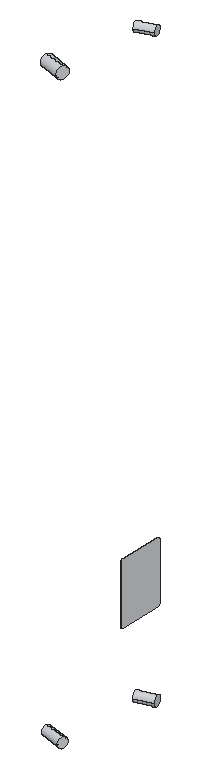
Revit family "LG_Heat_Pump_Water_Heater_APHWC801L_NA_v1.1", category Mechanical Equipment, Revit 2020
Family settings
  Round Connector Dimension = Use Diameter
  Classification = None
  Part Type = Normal
  Work Plane-Based = No
  Always vertical = Yes
  Cut with Voids When Loaded = No
  Shared = No
  Room Calculation Point = No
Parameters (values of type "Heat Pump Water Heater")
  Water Connection Size_inch = ""
  Refrigerant_Type = ""
  Refrigerant_Pre Charge_t-Co2 eq = ""
  Refrigerant_Pre Charge_oz = ""
  Refrigerant_Pre Charge_g = ""
  Refrigerant_GWP = ""
  Power Supply_Ø_V_Hz = ""
  Power Supply Cable_No. = ""
  Power Supply Cable_AWG = ""
  Power Input_Upper Element_W = ""
  Power Input_Lower Element_W = ""
  Model = ""
  Max Working Pressure (Water Tank)_kPa = ""
  Max Working Pressure (Water Tank)_PSI = ""
  Manufacturer = "LG Electronics"
  Indoor_Weight_Net_lb = ""
  Indoor_Weight_Net_kg = ""
  Indoor_Sound Pressure Level_dB(A) = ""
  Indoor_Sound Power Level_dB(A) = ""
  Indoor_Max. Fuse Size_A = ""
  Indoor_Heat Pump Operation Range_F(DB) = ""
  Indoor_Heat Pump Operation Range_C(DB) = ""
  Indoor_Exterior Color Code = ""
  Indoor_Dimensions_Net (W x H x D)_mm = ""
  Indoor_Dimensions_Net (W x H x D)_in = ""
  Indoor_Air Flow Rate_m3/min = ""
  Indoor_Air Flow Rate_CFM = ""
  Foam Insulation_mm = ""
  Factory Model = ""
  Energy_UEF = ""
  Energy_FHR_Gallon/hour = ""
  Drain Hose Size_I.D_mm = ""
  Drain Hose Size_I.D_in = ""
  Description = "HEAT PUMP WATER HEATER"
  Defrost Method = ""
  Default Elevation = 0"
  Compressor_Type = ""
  Compressor_Manufacturer = ""
  Circuit Breaker_A = ""
  Capacity_Volume_L = ""
  Buyer Model = ""
  Available Voltage Range_V = ""
  Anode = ""
  Annual Energy Consumption(AEC) (15C / 7C)_kWH = ""
Reference planes (in)
  plane 1 "중심(앞/뒤)": y = 0
  plane 2: z = 0
  plane 3 "중심(왼쪽/오른쪽)": x = 0
  plane 4: z = 5.8125
  plane 5: z = 39.28125
Forms (in)
  Extrusion 1, solid
    sketch origin (11.41732, -6.29415, 49.01856) x (0, 0, -1) y (0, 1, 0)
      loop
        line (33.34646, 8.79324) -> (37.95276, 8.79324)
        arc (37.95276, 8.79324) -> (38.09195, 8.8509) -> (38.14961, 8.99009) r 0.19685
        line (38.14961, 8.99009) -> (38.14961, 12.45466)
        arc (38.14961, 12.45466) -> (38.09195, 12.59385) -> (37.95276, 12.65151) r 0.19685
        line (37.95276, 12.65151) -> (33.34646, 12.65151)
        arc (33.34646, 12.65151) -> (33.20726, 12.59385) -> (33.14961, 12.45466) r 0.19685
        line (33.14961, 12.45466) -> (33.14961, 8.99009)
        arc (33.14961, 8.99009) -> (33.20726, 8.8509) -> (33.34646, 8.79324) r 0.19685
    from 0 to 0.03937
Dimensions and locks (in)
  plane 4 to level = 5 13/16"
  plane 5 to level = 39 9/32"
  aligned and locked: level to plane 2
Nested families (in)
  nested 1: "RF" at (0, 0, 0), type "Heat Pump Water Heater"
Connectors (in)
  piping at (13.38457, 3.72647, 54.3628), diameter 0.75
    settings: on nested 1, index 1, connector inside diameter 609.6 mm, connector length 0", flow factor 0, pipe flow 0.0 L/s, pressure drop 0.0 Pa, fitting loss kfactor 0, connector angle 0.00°, fixture units 0, engagement length 0", angle of deflection 0.00°, flow configuration 0, flow direction 2, fitting loss method 0, system type 7, joint type 0, gender type 0, connector reference index -1, connector utility 0, adjustable connector no, is connector primary yes, connector description ""
  piping at (12.09643, -4.23986, 54.36337), diameter 0.75
    settings: on nested 1, index 2, connector inside diameter 609.6 mm, connector length 0", flow factor 0, pipe flow 0.0 L/s, pressure drop 0.0 Pa, fitting loss kfactor 0, connector angle 0.00°, fixture units 0, engagement length 0", angle of deflection 0.00°, flow configuration 0, flow direction 0, fitting loss method 0, system type 22, joint type 0, gender type 0, connector reference index -1, connector utility 0, adjustable connector no, is connector primary no, connector description ""
  piping at (12.09643, -4.2433, 5.82006), diameter 0.75
    settings: on nested 1, index 3, connector inside diameter 609.6 mm, connector length 0", flow factor 0, pipe flow 0.0 L/s, pressure drop 0.0 Pa, fitting loss kfactor 0, connector angle 0.00°, fixture units 0, engagement length 0", angle of deflection 0.00°, flow configuration 0, flow direction 0, fitting loss method 0, system type 16, joint type 0, gender type 0, connector reference index -1, connector utility 0, adjustable connector no, is connector primary no, connector description ""
  piping at (13.38395, 3.72536, 5.8195), diameter 0.75
    settings: on nested 1, index 4, connector inside diameter 609.6 mm, connector length 0", flow factor 0, pipe flow 0.0 L/s, pressure drop 0.0 Pa, fitting loss kfactor 0, connector angle 0.00°, fixture units 0, engagement length 0", angle of deflection 0.00°, flow configuration 0, flow direction 1, fitting loss method 0, system type 8, joint type 0, gender type 0, connector reference index -1, connector utility 0, adjustable connector no, is connector primary no, connector description ""
Definition of nested family "RF"
  Parameters (values of type "Heat Pump Water Heater")
    Water Connection Size_inch = ""
    Refrigerant_Type = ""
    Refrigerant_Pre Charge_t-Co2 eq = ""
    Refrigerant_Pre Charge_oz = ""
    Refrigerant_Pre Charge_g = ""
    Refrigerant_GWP = ""
    Power Supply_Ø_V_Hz = ""
    Power Supply Cable_No. = ""
    Power Supply Cable_AWG = ""
    Power Input_Upper Element_W = ""
    Power Input_Lower Element_W = ""
    Max Working Pressure (Water Tank)_kPa = ""
    Max Working Pressure (Water Tank)_PSI = ""
    Manufacturer = "LG Electronics"
    Indoor_Weight_Net_lb = ""
    Indoor_Weight_Net_kg = ""
    Indoor_Sound Pressure Level_dB(A) = ""
    Indoor_Sound Power Level_dB(A) = ""
    Indoor_Sound Power Level_IDU_dB(A) = ""
    Indoor_Max. Fuse Size_A = ""
    Indoor_Heat Pump Operation Range_F(DB) = ""
    Indoor_Heat Pump Operation Range_C(DB) = ""
    Indoor_Exterior Color Code = ""
    Indoor_Dimensions_Net (W x H x D)_mm = ""
    Indoor_Dimensions_Net (W x H x D)_in = ""
    Indoor_Air Flow Rate_m3/min = ""
    Indoor_Air Flow Rate_CFM = ""
    Foam Insulation_mm = ""
    Factory Model = ""
    Drain Hose Size_I.D_mm = ""
    Drain Hose Size_I.D_in = ""
    Description = "HEAT PUMP WATER HEATER"
    Defrost Method = ""
    Default Elevation = 0"
    Compressor_Type = ""
    Compressor_Manufacturer = ""
    Circuit Breaker_A = ""
    Capacity_Volume_L = ""
    Capacity_Load Profile = ""
    Capacity_COP(7C) = ""
    Capacity_COP(15C)_V40_L = ""
    Capacity_COP(15C) = ""
    Buyer Model = ""
    Available Voltage Range_V = ""
    Anode = ""
    Annual Energy Consumption(AEC) (15C / 7C)_kWH = ""
  Reference planes (in)
    plane 1 "중심(앞/뒤)": y = 0
    plane 2: z = 0
    plane 3 "중심(왼쪽/오른쪽)": x = 0
  Forms (in)
    Extrusion 1, solid
      sketch origin (13.38457, 3.72647, 54.3628) x (-0.258819, 0.965926, -0.000068) y (0, 0.000071, 1)
        loop
          circle (0, 0) r 0.35907
        loop
          circle (0.00242, -48.54331) r 0.3937
      from -1.51229 to 0
    Extrusion 2, solid
      sketch origin (12.09643, -4.23986, 54.36337) x (0, -0.000071, -1) y (0.34202, 0.939693, -0.000067)
        loop
          circle (0, 0) r 0.46971
        loop
          circle (48.54331, 0) r 0.3937
      from -1.88096 to 0
  Dimensions and locks (in)
    aligned and locked: level to plane 2
  Connectors (in)
    piping at (13.38457, 3.72647, 54.3628), diameter 0.74803
      settings: on import instance, index 1, connector inside diameter 609.6 mm, connector length 0", flow factor 0, pipe flow 0.0 L/s, pressure drop 0.0 Pa, fitting loss kfactor 0, connector angle 0.00°, fixture units 0, engagement length 0", angle of deflection 0.00°, flow configuration 0, flow direction 2, fitting loss method 0, system type 7, joint type 0, gender type 0, connector reference index -1, connector utility 0, adjustable connector no, is connector primary yes, connector description ""
    piping at (12.09643, -4.23986, 54.36337), diameter 0.74803
      settings: on import instance, index 2, connector inside diameter 609.6 mm, connector length 0", flow factor 0, pipe flow 0.0 L/s, pressure drop 0.0 Pa, fitting loss kfactor 0, connector angle 0.00°, fixture units 0, engagement length 0", angle of deflection 0.00°, flow configuration 0, flow direction 0, fitting loss method 0, system type 22, joint type 0, gender type 0, connector reference index -1, connector utility 0, adjustable connector no, is connector primary no, connector description ""
    piping at (13.38395, 3.72536, 5.8195), diameter 0.74803
      settings: on import instance, index 3, connector inside diameter 609.6 mm, connector length 0", flow factor 0, pipe flow 0.0 L/s, pressure drop 0.0 Pa, fitting loss kfactor 0, connector angle 0.00°, fixture units 0, engagement length 0", angle of deflection 0.00°, flow configuration 0, flow direction 1, fitting loss method 0, system type 8, joint type 0, gender type 0, connector reference index -1, connector utility 0, adjustable connector no, is connector primary no, connector description ""
    piping at (12.09643, -4.2433, 5.82006), diameter 0.74803
      settings: on import instance, index 4, connector inside diameter 609.6 mm, connector length 0", flow factor 0, pipe flow 0.0 L/s, pressure drop 0.0 Pa, fitting loss kfactor 0, connector angle 0.00°, fixture units 0, engagement length 0", angle of deflection 0.00°, flow configuration 0, flow direction 0, fitting loss method 0, system type 16, joint type 0, gender type 0, connector reference index -1, connector utility 0, adjustable connector no, is connector primary no, connector description ""
